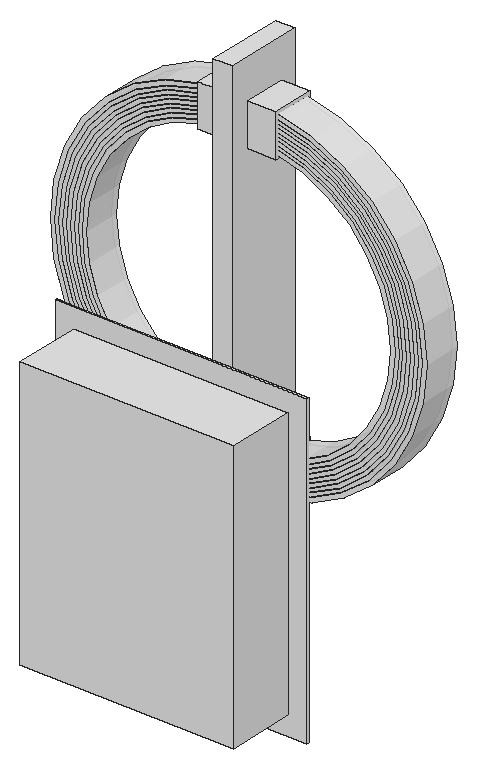
Revit family "3-5014-xx Arena", category Lighting Fixtures, host Wall, Revit 2019
Family settings
  Host = Wall
  Round Connector Dimension = Use Diameter
  Part Type = Normal
  OmniClass Number = 23.80.70.00
  OmniClass Title = Lighting
  Always vertical = Yes
  Cut with Voids When Loaded = No
  Light Source = Yes
  Shared = No
  Room Calculation Point = No
Parameters (values of type "3-5014-6 / White - Matte White Acrylic")
  Wattage Comments = "1 x 12.98 W at 120 V"  # constant formula
  Wattage = 12.98 W
  built-in parameter 1150110 = 1 (stored number, unit not read)
  Voltage Input = "120 V or 277 V - 50/60 Hz"  # constant formula
  Voltage = 120 V
  URL = "www.oxygenlighting.com"
  built-in parameter 1114217 = 1 (stored number, unit not read)
  Tilt Angle = 0.00°  # constant formula
  built-in parameter 1150109 = 1 (stored number, unit not read)
  built-in parameter 1150134 = (empty or 0)
  built-in parameter 1150113 = 1 (stored number, unit not read)
  References = "Ref. 3 = 120 V / Ref. 37 = 277 V"  # constant formula
  Photometric Web File = "3-5014-6 Arena Wh.ies"
  Model = "3-59-xx / Arena"  # constant formula
  Metal Finish = 6 - White
  Manufacturer = "Oxygen Lighting and Fans"  # constant formula
  Lumens = 967.01 lm
  built-in parameter 1150115 = 1 (stored number, unit not read)
  built-in parameter 1150105 = 76.952 (stored number, unit not read)
  built-in parameter 1150137 = (empty or 0)
  built-in parameter 1150139 = (empty or 0)
  built-in parameter 1150112 = 1 (stored number, unit not read)
  built-in parameter 1150114 = 1 (stored number, unit not read)
  Lamp = "LED Array"  # constant formula
  built-in parameter 1150132 = (empty or 0)
  built-in parameter 1150102 = (empty or 0)
  built-in parameter 1150138 = (empty or 0)
  built-in parameter 1150107 = 3000 (stored number, unit not read)
  built-in parameter 1150106 = 0.76952 (stored number, unit not read)
  built-in parameter 1150104 = 6.9213 (stored number, unit not read)
  Dimming Lamp Color Temperature Shift = <None>
  Diffusers = Matte White Acrylic
  Color Filter = 16777215
  built-in parameter 1114218 = 1 (stored number, unit not read)
  built-in parameter 1150133 = 10 (stored number, unit not read)
Types (2): name | Metal Finish
  3-5014-15 / Black - Matte White Acrylic | 15 - Black
  3-5014-6 / White - Matte White Acrylic | 6 - White
Reference planes (in)
  plane 1: y = 0
  plane 2 "Light Source Axis (L/R)": x = 4.92126
  plane 3 "Light Source Axis (F/R)": y = 7.29776
  plane 4 "Light Source Elevation": z = 39
  plane 5: y = 2.95276
  plane 6: z = 45.74289
Text (in)
  text "Placement side" at (-70.3598, 43.96769, 0), in view "Ref. Level"
  text "Placement side" at (0, 83.08644, 117.56134), in view "Left"
  text "Placement side" at (0, 24.74324, 118.58137), in view "Right"
Dimensions and locks (in)
  locked: plane 3 "Light Source Axis (F/R)" to plane 5 at 4.345
  locked: plane 6 to plane 4 "Light Source Elevation" at 6.74289
  aligned and locked: plane 1 to host wall
  aligned and locked: plane 5 to host wall
  aligned and locked: plane 5 to nested 1
  aligned and locked: plane 3 "Light Source Axis (F/R)" to imposter light
  aligned and locked: nested 1 to plane 4 "Light Source Elevation"
  aligned and locked: plane 6 to imposter light
Nested families (in)
  nested 1: "Family2" at (4.92126, 2.95276, 40.92782) x (-1, 0, 0) z (0, 0, 1), type "Family2"
Definition of nested family "Family2"
  Parameters (values of type "Family2")
    Metal Finish 2 = none
    Metal Finish 1 = none
    Height = 10.00"
    Diffuser = none
  Reference planes (in)
    plane 1 "Center (Front/Back)": y = 0
    plane 2: z = 0
    plane 3 "Center (Left/Right)": x = 0
  Forms (in)
    Extrusion 1, solid, material <- "Metal Finish 1"
      sketch origin (0, 0, 0) x (1, 0, 0) y (0, 0, 1)
        loop
          line (-2.55906, 4.37139) -> (-2.55906, -1.92782) -> (2.55906, -1.92782) -> (2.55906, 4.37139) -> (-2.55906, 4.37139)
      from 1.38 to 1.42
    Extrusion 2, solid, material <- "Metal Finish 1"
      sketch origin (0, 0, 0) x (1, 0, 0) y (0, 0, 1)
        loop
          line (-2.16906, 3.97769) -> (-2.16906, -1.53412) -> (2.16906, -1.53412) -> (2.16906, 3.97769) -> (-2.16906, 3.97769)
      from 1.38 to 0
    Extrusion 3, solid, material <- "Metal Finish 1"
      sketch origin (0, 0, 0) x (1, 0, 0) y (0, 0, 1)
        loop
          arc (0.39309, 0.39562) -> (0.38156, 0.42346) -> (0.35372, 0.43499) r 0.03937
          line (0.35372, 0.43499) -> (-0.35494, 0.43499)
          arc (-0.35494, 0.43499) -> (-0.38278, 0.42346) -> (-0.39431, 0.39562) r 0.03937
          line (-0.39431, 0.39562) -> (-0.39431, -0.31304)
          arc (-0.39431, -0.31304) -> (-0.38278, -0.34088) -> (-0.35494, -0.35241) r 0.03937
          line (-0.35494, -0.35241) -> (0.35372, -0.35241)
          arc (0.35372, -0.35241) -> (0.38156, -0.34088) -> (0.39309, -0.31304) r 0.03937
          line (0.39309, -0.31304) -> (0.39309, 0.39562)
      from 1.42 to 4.02
    Extrusion 4, solid, material <- "Metal Finish 1"
      sketch origin (0, 0, 0) x (1, 0, 0) y (0, 0, 1)
        loop
          line (-0.19746, 0.43499) -> (0.19624, 0.43499) -> (0.19624, 9.13578) -> (-0.19746, 9.13578) -> (-0.19746, 0.43499)
      from 4.02 to 2.44
    Extrusion 5, solid, material <- "Metal Finish 1"
      sketch origin (0, 0, 0) x (1, 0, 0) y (0, 0, 1)
        loop
          line (-0.78801, 8.34838) -> (-0.78801, 7.48223) -> (-0.19746, 7.48223) -> (-0.19746, 8.34838) -> (-0.78801, 8.34838)
        loop
          line (0.19624, 8.34838) -> (0.19624, 7.48223) -> (0.78679, 7.48223) -> (0.78679, 8.34838) -> (0.19624, 8.34838)
        loop
          line (-0.78801, 2.04916) -> (-0.78801, 1.18302) -> (-0.19746, 1.18302) -> (-0.19746, 2.04916) -> (-0.78801, 2.04916)
        loop
          line (0.19624, 1.18302) -> (0.78679, 1.18302) -> (0.78679, 2.04916) -> (0.19624, 2.04916) -> (0.19624, 1.18302)
      from 3.66 to 2.8
    Extrusion 6, solid, material <- "Diffuser"
      sketch origin (0, 0, 0) x (1, 0, 0) y (0, 0, 1)
        loop
          line (0.78679, 2.01872) -> (0.78679, 1.91872)
          arc (0.78679, 1.91872) -> (3.18443, 4.77559) -> (0.78679, 7.63245) r 2.90084
          line (0.78679, 7.63245) -> (0.78679, 7.53246)
          arc (0.78679, 7.53246) -> (3.08601, 4.77559) -> (0.78679, 2.01872) r 2.80242
        loop
          arc (-0.78801, 2.01872) -> (-3.08722, 4.77559) -> (-0.78801, 7.53246) r 2.80242
          line (-0.78801, 7.53246) -> (-0.78801, 7.63245)
          arc (-0.78801, 7.63245) -> (-3.18565, 4.77559) -> (-0.78801, 1.91872) r 2.90084
          line (-0.78801, 1.91872) -> (-0.78801, 2.01872)
        loop
          line (-0.78801, 7.71237) -> (-0.78801, 7.79223)
          arc (-0.78801, 7.79223) -> (-3.34313, 4.77559) -> (-0.78801, 1.75894) r 3.05832
          line (-0.78801, 1.75894) -> (-0.78801, 1.8388)
          arc (-0.78801, 1.8388) -> (-3.26439, 4.77559) -> (-0.78801, 7.71237) r 2.97958
        loop
          line (-0.78801, 7.87203) -> (-0.78801, 7.95178)
          arc (-0.78801, 7.95178) -> (-3.50061, 4.77559) -> (-0.78801, 1.5994) r 3.2158
          line (-0.78801, 1.5994) -> (-0.78801, 1.67914)
          arc (-0.78801, 1.67914) -> (-3.42187, 4.77559) -> (-0.78801, 7.87203) r 3.13706
        loop
          line (-0.78801, 8.03148) -> (-0.78801, 8.11113)
          arc (-0.78801, 8.11113) -> (-3.65809, 4.77559) -> (-0.78801, 1.44005) r 3.37329
          line (-0.78801, 1.44005) -> (-0.78801, 1.5197)
          arc (-0.78801, 1.5197) -> (-3.57935, 4.77559) -> (-0.78801, 8.03148) r 3.29455
        loop
          line (-0.78801, 8.19074) -> (-0.78801, 8.2902)
          arc (-0.78801, 8.2902) -> (-3.83525, 4.77559) -> (-0.78801, 1.26098) r 3.55045
          line (-0.78801, 1.26098) -> (-0.78801, 1.36044)
          arc (-0.78801, 1.36044) -> (-3.73683, 4.77559) -> (-0.78801, 8.19074) r 3.45203
        loop
          line (0.78679, 1.8388) -> (0.78679, 1.75894)
          arc (0.78679, 1.75894) -> (3.34191, 4.77559) -> (0.78679, 7.79223) r 3.05832
          line (0.78679, 7.79223) -> (0.78679, 7.71237)
          arc (0.78679, 7.71237) -> (3.26317, 4.77559) -> (0.78679, 1.8388) r 2.97958
        loop
          line (0.78679, 1.67914) -> (0.78679, 1.5994)
          arc (0.78679, 1.5994) -> (3.49939, 4.77559) -> (0.78679, 7.95178) r 3.2158
          line (0.78679, 7.95178) -> (0.78679, 7.87203)
          arc (0.78679, 7.87203) -> (3.42065, 4.77559) -> (0.78679, 1.67914) r 3.13706
        loop
          line (0.78679, 1.5197) -> (0.78679, 1.44005)
          arc (0.78679, 1.44005) -> (3.65687, 4.77559) -> (0.78679, 8.11113) r 3.37329
          line (0.78679, 8.11113) -> (0.78679, 8.03148)
          arc (0.78679, 8.03148) -> (3.57813, 4.77559) -> (0.78679, 1.5197) r 3.29455
        loop
          line (0.78679, 1.36044) -> (0.78679, 1.26098)
          arc (0.78679, 1.26098) -> (3.83404, 4.77559) -> (0.78679, 8.2902) r 3.55045
          line (0.78679, 8.2902) -> (0.78679, 8.19074)
          arc (0.78679, 8.19074) -> (3.73561, 4.77559) -> (0.78679, 1.36044) r 3.45203
      from 3.61 to 2.85
    Extrusion 7, solid, material <- "Diffuser"
      sketch origin (0, 0, 0) x (1, 0, 0) y (0, 0, 1)
        loop
          line (0.78679, 1.91872) -> (0.78679, 1.8388)
          arc (0.78679, 1.8388) -> (3.26317, 4.77559) -> (0.78679, 7.71237) r 2.97958
          line (0.78679, 7.71237) -> (0.78679, 7.63245)
          arc (0.78679, 7.63245) -> (3.18443, 4.77559) -> (0.78679, 1.91872) r 2.90084
        loop
          line (0.78679, 1.75894) -> (0.78679, 1.67914)
          arc (0.78679, 1.67914) -> (3.42065, 4.77559) -> (0.78679, 7.87203) r 3.13706
          line (0.78679, 7.87203) -> (0.78679, 7.79223)
          arc (0.78679, 7.79223) -> (3.34191, 4.77559) -> (0.78679, 1.75894) r 3.05832
        loop
          line (0.78679, 1.5994) -> (0.78679, 1.5197)
          arc (0.78679, 1.5197) -> (3.57813, 4.77559) -> (0.78679, 8.03148) r 3.29455
          line (0.78679, 8.03148) -> (0.78679, 7.95178)
          arc (0.78679, 7.95178) -> (3.49939, 4.77559) -> (0.78679, 1.5994) r 3.2158
        loop
          line (0.78679, 1.44005) -> (0.78679, 1.36044)
          arc (0.78679, 1.36044) -> (3.73561, 4.77559) -> (0.78679, 8.19074) r 3.45203
          line (0.78679, 8.19074) -> (0.78679, 8.11113)
          arc (0.78679, 8.11113) -> (3.65687, 4.77559) -> (0.78679, 1.44005) r 3.37329
        loop
          line (-0.78801, 7.63245) -> (-0.78801, 7.71237)
          arc (-0.78801, 7.71237) -> (-3.26439, 4.77559) -> (-0.78801, 1.8388) r 2.97958
          line (-0.78801, 1.8388) -> (-0.78801, 1.91872)
          arc (-0.78801, 1.91872) -> (-3.18565, 4.77559) -> (-0.78801, 7.63245) r 2.90084
        loop
          arc (-0.78801, 1.75894) -> (-3.34313, 4.77559) -> (-0.78801, 7.79223) r 3.05832
          line (-0.78801, 7.79223) -> (-0.78801, 7.87203)
          arc (-0.78801, 7.87203) -> (-3.42187, 4.77559) -> (-0.78801, 1.67914) r 3.13706
          line (-0.78801, 1.67914) -> (-0.78801, 1.75894)
        loop
          arc (-0.78801, 1.5994) -> (-3.50061, 4.77559) -> (-0.78801, 7.95178) r 3.2158
          line (-0.78801, 7.95178) -> (-0.78801, 8.03148)
          arc (-0.78801, 8.03148) -> (-3.57935, 4.77559) -> (-0.78801, 1.5197) r 3.29455
          line (-0.78801, 1.5197) -> (-0.78801, 1.5994)
        loop
          arc (-0.78801, 1.44005) -> (-3.65809, 4.77559) -> (-0.78801, 8.11113) r 3.37329
          line (-0.78801, 8.11113) -> (-0.78801, 8.19074)
          arc (-0.78801, 8.19074) -> (-3.73683, 4.77559) -> (-0.78801, 1.36044) r 3.45203
          line (-0.78801, 1.36044) -> (-0.78801, 1.44005)
      from 3.61 to 2.85
  Dimensions and locks (in)
    aligned and locked: level to plane 2
